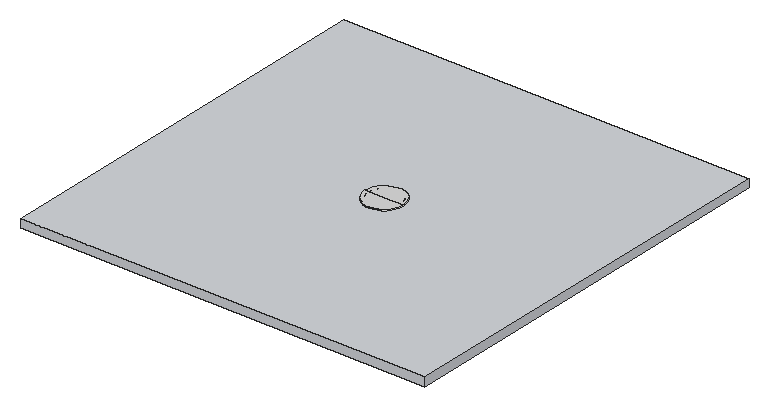
Revit family "Loudspeaker-Ceiling Mounted-Q-SYS-AD-C4T-ZB", category Communication Devices, host Face, Revit 2021
Family settings
  Host = Face
  Maintain Annotation Orientation = No
  Round Connector Dimension = Use Diameter
  Part Type = Normal
  OmniClass Number = 23.85.10.11.14.14.14
  OmniClass Title = Loudspeakers
  Cut with Voids When Loaded = No
  Shared = No
  Room Calculation Point = No
Parameters (values of type "White")
  Weight = 6.40 lbm
  Part Number = "AD-C4T-ZB"
  OmniClass Number = "23.85.10.11.14.14.14"
  Length 15 = 5.75"
  Length 11 = 0.57501"
  Length 10 = Length 7 * cos(Taper Angle)  # 0.99863"
  Length 9 = 0.59495"
  Length 8 = 0.76842"
  Length 7 = 1.00"
  Width = Grille Diameter  # 9.06"
  Weight Product = 6.4
  Weight Dimensional = 20.5
  Visibility 3 [instance] = Adjustable Tile Bridge  # no
  Visibility 2 [instance] = yes
  URL = "https://www.qsys.com"
  Type Comments = "White"
  Taper Angle = 3.00°
  Sustainability Rating = "n/a"
  Support Width = 25.30"
  Support Offset [instance] = 3.00"
  Support Material = Metal - Q-SYS - Steel
  Support Length = 25.57"
  Support Height [instance] = 1.26"  # constant formula
  Speaker Offset Label [instance] = Speaker Offset  # 0.00"
  Speaker Offset [instance] = 0.00"
  Sensitivity = 87
  SPL Max = 102
  Round Grille [instance] = 1 > 0  # yes
  Regulatory Compliance = "UL1480, UL2043, NFPA90, NFPA70 suitable for use in air handling spaces. Transformer UL registered per UL1876, ROHS, CE compliant. Baffle meets UL94-V0 and UL94-5VB flamibility rating; in accordance with IEC60849 / EN60849 systems."
  Rail Width = 0.875"
  Product Page URL = "https://www.qsys.com/products/loudspeakers/installed/passive/ceiling-mount/acousticdesign-series/ad-c4t-zb/"
  Product Documentation Link = "https://www.qsys.com/resource-files/productresources/spk/ad/ad-c4t-zb/q_spk_ad_c4t_zb_specsheet.pdf"
  Number of Bands = 1  # constant formula
  Model = "AD-C4T-ZB"
  Manufacturer URL = "https://www.qsys.com"
  Length 6 [instance] = Support Height  # 1.26"
  Impedance = 16
  IQ Category = "Loudspeaker"
  Height [instance] = Grille Height + Body Height + Clip Height  # 6.8874"
  Grille Radius = Grille Diameter / 2  # 4.53"
  Offset = 0.00"
  Manufacturer = "Q-SYS"
  Length 4 = ATB Inside Radius + 0.80"  # 5.80"
  Length 3 [instance] = if(Speaker Offset < 0.00", 40.00" - abs(Speaker Offset Label), 40.00" + Speaker Offset Label)  # 40.00"
  Length 2 = Body Radius * 1.25  # 4.72438"
  Length 1 = Body Diameter / 2 - 0.25"  # 3.5295"
  Highlight Material = Fabric - Q-SYS - White Mesh
  Grille Height = 0.20"
  Grille Diameter = 9.06"
  Frequency Range = "70 Hz - 20 kHz"
  Description = "4.5” small format, zero bezel ceiling mount loudspeaker."
  Default Elevation = 48.00"
  Coverage Vertical = 150.00°
  Coverage Horizontal = 150.00°
  Cover Radius = Grille Radius  # 4.53"
  Cover Material = Paint - Q-SYS - White
  Clip Radius = Clip Diameter / 2  # 0.15"
  Clip Height = 0.40"
  Clip Diameter = 0.30"
  Body Radius = Body Diameter / 2  # 3.7795"
  Body Material = Paint - Q-SYS - Black
  Body Height = 6.2874"
  Body Diameter = 7.559"
  Assembly Code = "E1020500"
  Adjustable Tile Bridge [instance] = no
  ATB Inside Radius = ATB Inside Diameter / 2  # 5.00"
  ATB Inside Diameter = 10.00"
  70V Taps = "3.75 W, 7.5 W, 15 W, 30 W"
  100V Taps = "7.5 W, 15 W, 30 W"
Reference planes (in)
  plane 1 "Center (Front/Back)": y = 0
  plane 2: z = 0
  plane 3 "Center (Left/Right)": x = 0
  plane 4 "Left": x = -4.53
  plane 5 "Right": x = 4.53
  plane 6 "Front": y = -4.53
  plane 7 "Back": y = 4.53
  plane 8 "Bottom": z = 0.2
  plane 9 "Top": z = -6.6874
  plane 10 "body left": x = -3.7795
  plane 11 "body right": x = 3.7795
  plane 12 "body front": y = -3.7795
  plane 13 "body back": y = 3.7795
  plane 14 "plate top": z = 0
  plane 15 "body top": z = -6.2874
  plane 16: z = -0.75
  plane 17 "Speaker CL": x = 0
  plane 18 "pivot": x = -40
  plane 19 "support bottom": z = -3
  plane 20 "support top": z = -4.26
  plane 21 "support back": y = 12.65
  plane 22 "support back inside": y = 11.775
  plane 23 "support front": y = -12.65
  plane 24 "support front inside": y = -11.775
  plane 25 "support left": x = -12.785
  plane 26 "support right": x = 12.785
  plane 27: z = -3.1
  plane 28: x = 0
  plane 29 "2d bottom": z = 0.1
  plane 30: z = -3.2
Forms (in)
  Extrusion 1, solid
    sketch origin (0, 0, 0) x (1, 0, 0) y (0, 1, 0)
      loop
        line (-48, 48) -> (-48, -48) -> (48, -48) -> (48, 48) -> (-48, 48)
    from 0 to -2
  Revolve 2, solid, material "Paint - Q-SYS - Black" <- "Body Material", visible <- "Visibility 2", detail levels medium+fine
    sketch origin (0, 0, 0) x (1, 0, 0) y (0, 0, 1)
      loop
        line (0, -6.2874) -> (0, 0) -> (-3.7795, 0) -> (-3.7795, -6.2874) -> (0, -6.2874)
      axis (0, 0) -> (0, -6.2874)
    angle from 0 to 360
  Extrusion 3, solid, material "Paint - Q-SYS - Black" <- "Body Material", visible <- "Visibility 2", detail levels fine
    sketch origin (0, 0, 0) x (1, 0, 0) y (0, 0, 1)
      loop
        arc (-0.15, -6.5374) -> (0, -6.6874) -> (0.15, -6.5374) r 0.15
        line (0.15, -6.5374) -> (0.15, -6.2874) -> (-0.15, -6.2874) -> (-0.15, -6.5374)
    from -2.71081 to -2.7895
  Extrusion 4, void
    sketch origin (0, 0, 0) x (1, 0, 0) y (0, 1, 0)
      loop
        line (-4.72437, 2.7895) -> (0, -5.39336) -> (4.72438, 2.7895) -> (-4.72437, 2.7895)
      loop
        circle (0, 0) r 7.559
    from -6.2874 to 0
  Extrusion 5, solid, material "Metal - Q-SYS - Steel" <- "Support Material", visible <- "Adjustable Tile Bridge", detail levels medium+fine
    sketch origin (0, 0, 0) x (0, 1, 0) y (0, 0, 1)
      loop
        line (-12.65, -3) -> (-12.65, -4.26) -> (-12.55, -4.26) -> (-12.55, -3.1) -> (-11.775, -3.1) -> (-11.775, -3) -> (-12.65, -3)
      loop
        line (12.65, -3) -> (11.775, -3) -> (11.775, -3.1) -> (12.55, -3.1) -> (12.55, -4.26) -> (12.65, -4.26) -> (12.65, -3)
    from -12.785 to 12.785
  Extrusion 6, solid, material "Metal - Q-SYS - Steel" <- "Support Material", visible <- "Adjustable Tile Bridge", detail levels medium+fine
    sketch origin (0, 0, -3) x (0, 1, 0) y (-1, 0, 0)
      loop
        circle (0, 0) r 5
      loop
        arc (5.71314, 1) -> (0, 5.8) -> (-5.71314, 1) r 5.8
        line (-5.71314, 1) -> (-12.55, 1) -> (-12.55, -1) -> (-5.71314, -1)
        arc (-5.71314, -1) -> (0, -5.8) -> (5.71314, -1) r 5.8
        line (5.71314, -1) -> (12.55, -1) -> (12.55, 1) -> (5.71314, 1)
    from -0.2 to -0.1
  Extrusion 7, solid, material "Metal - Q-SYS - Steel" <- "Support Material", visible <- "Adjustable Tile Bridge", detail levels fine
    sketch origin (0, 0, -3) x (0, 1, 0) y (-1, 0, 0)
      loop
        line (12.55, 1) -> (12.45, 1) -> (12.45, -1) -> (12.55, -1) -> (12.55, 1)
      loop
        line (-12.45, 1) -> (-12.55, 1) -> (-12.55, -1) -> (-12.45, -1) -> (-12.45, 1)
    from -1.26 to -0.2
  Extrusion 8, void
    sketch origin (0, 0, -3) x (0, 1, 0) y (-1, 0, 0)
      loop
        circle (0, 0) r 3.7795
    from -3.6874 to 3.2
  Revolve 9, solid, material "Paint - Q-SYS - White" <- "Cover Material", visible <- "Round Grille", detail levels medium+fine
    sketch origin (0, 0, 0) x (1, 0, 0) y (0, 0, 1)
      loop
        line (0, 0.2) -> (-4.53, 0.2) -> (-4.53, 0) -> (0, 0) -> (0, 0.2)
      axis (0, 0.2) -> (0, 0)
    angle from 0 to 360
  Revolve 10, solid, detail levels coarse
    sketch origin (0, 0, 0) x (1, 0, 0) y (0, 0, 1)
      loop
        line (-4.53, 0.2) -> (-4.53, 0) -> (-3.7795, 0) -> (-3.7795, -6.6874) -> (0, -6.6874) -> (0, 0.2) -> (-4.53, 0.2)
      axis (0, 0.2) -> (0, -6.6874)
    angle from 0 to 360
Cuts and joins
  Extrusion 4 cuts Revolve 2
Lines and regions (in)
  Masking region 1, visible <- "Round Grille", detail levels medium+fine
    outline origin (0, 0, 0.1) x (-1, 0, 0) y (0, -1, 0)
      loop
        circle (0, 0) r 4.53
  Masking region 2, visible <- "Adjustable Tile Bridge", detail levels medium+fine
    outline origin (0, 0, -4.26) x (0, 1, 0) y (-1, 0, 0)
      loop
        arc (5.71314, 1) -> (0, 5.8) -> (-5.71314, 1) r 5.8
        line (-5.71314, 1) -> (-12.55, 1) -> (-12.55, -1) -> (-5.71314, -1)
        arc (-5.71314, -1) -> (0, -5.8) -> (5.71314, -1) r 5.8
        line (5.71314, -1) -> (12.55, -1) -> (12.55, 1) -> (5.71314, 1)
      loop
        circle (0, 0) r 5
  Masking region 3, detail levels medium+fine
    outline origin (0, 0, -6.2874) x (-1, 0, 0) y (0, -1, 0)
      loop
        circle (0, 0) r 3.7795
  Masking region 4, visible <- "Adjustable Tile Bridge", detail levels medium+fine
    outline origin (0, 0, -3) x (0, 1, 0) y (-1, 0, 0)
      loop
        line (12.65, 12.785) -> (11.775, 12.785) -> (11.775, -12.785) -> (12.65, -12.785) -> (12.65, 12.785)
      loop
        line (-11.775, 12.785) -> (-12.65, 12.785) -> (-12.65, -12.785) -> (-11.775, -12.785) -> (-11.775, 12.785)
  Masking region 5
    outline origin (0, 0, 0) x (1, 0, 0) y (0, 0, 1)
      loop
        line (-4.53, 0.2) -> (-4.53, 0) -> (-3.7795, 0) -> (-3.7795, -6.2874) -> (3.7795, -6.2874) -> (3.7795, 0) -> (4.53, 0) -> (4.53, 0.2) -> (-4.53, 0.2)
  Masking region 6, visible <- "Visibility 2", detail levels fine
    outline origin (0, 0, 0) x (1, 0, 0) y (0, 0, 1)
      loop
        line (0.15, -6.5374) -> (0.15, -6.2874) -> (-0.15, -6.2874) -> (-0.15, -6.5374)
        arc (-0.15, -6.5374) -> (0, -6.6874) -> (0.15, -6.5374) r 0.15
  Masking region 7, visible <- "Visibility 3", detail levels medium+fine
    outline origin (0, 0, 0) x (1, 0, 0) y (0, 0, 1)
      loop
        line (-12.785, -3) -> (-12.785, -4.26) -> (12.785, -4.26) -> (12.785, -3) -> (-12.785, -3)
  Masking region 8
    outline origin (0, 0, 0) x (0, 1, 0) y (0, 0, 1)
      loop
        line (4.53, 0.2) -> (-4.53, 0.2) -> (-4.53, 0) -> (-3.7795, 0) -> (-3.7795, -6.2874) -> (2.7895, -6.2874) -> (2.7895, 0) -> (4.53, 0) -> (4.53, 0.2)
  Masking region 9, visible <- "Adjustable Tile Bridge", detail levels medium+fine
    outline origin (0, 0, 0) x (0, 1, 0) y (0, 0, 1)
      loop
        line (12.65, -3) -> (11.775, -3) -> (11.775, -3.1) -> (-11.775, -3.1) -> (-11.775, -3) -> (-12.65, -3) -> (-12.65, -4.26) -> (-12.45, -4.26) -> (-12.45, -3.2) -> (12.45, -3.2) -> (12.45, -4.26) -> (12.65, -4.26) -> (12.65, -3)
  Masking region 10, visible <- "Visibility 2", detail levels fine
    outline origin (0, 0, 0) x (0, 1, 0) y (0, 0, 1)
      loop
        line (2.71081, -6.2874) -> (2.71081, -6.6874) -> (2.7895, -6.6874) -> (2.7895, -6.2874) -> (2.71081, -6.2874)
  symbolic lines, style "Outline", visible <- "Round Grille", detail levels medium+fine
    curve 1: circle (0, 0, 0.2) r 4.53 normal (0, 0, 1)
  symbolic lines, style "Support", visible <- "Adjustable Tile Bridge", detail levels medium+fine
    curve 2: line (-12.785, -12.55, -6.2874) -> (12.785, -12.55, -6.2874)
    curve 3: line (-12.785, 12.55, -6.2874) -> (12.785, 12.55, -6.2874)
    curve 10: line (-12.785, 0, -3.1) -> (12.785, 0, -3.1)
    curve 13: line (0, 11.775, -3.1) -> (0, 12.55, -3.1)
    curve 14: line (0, 12.55, -3.1) -> (0, 12.55, -4.26)
    curve 15: line (0, -12.55, -4.26) -> (0, -12.55, -3.1)
    curve 16: line (0, -12.55, -3.1) -> (0, -11.775, -3.1)
  symbolic lines, style "Support", visible <- "Adjustable Tile Bridge", detail levels fine
    curve 4: line (-1, 12.45, -6.2874) -> (1, 12.45, -6.2874)
    curve 5: line (-1, -12.45, -6.2874) -> (1, -12.45, -6.2874)
  symbolic lines, style "Detail", visible <- "Visibility 2", detail levels fine
    curve 6: line (0.15, 2.7895, -6.6874) -> (0.15, 2.71081, -6.6874)
    curve 7: line (0.15, 2.71081, -6.6874) -> (-0.15, 2.71081, -6.6874)
    curve 8: line (-0.15, 2.71081, -6.6874) -> (-0.15, 2.7895, -6.6874)
    curve 9: line (-0.15, 2.7895, -6.6874) -> (0.15, 2.7895, -6.6874)
  symbolic lines, style "Support", visible <- "Adjustable Tile Bridge"
    curve 11: line (0, 5.71314, -3.1) -> (0, 5.71314, -3.2)
    curve 12: line (0, -5.71314, -3.2) -> (0, -5.71314, -3.1)
    curve 22: line (0, 4.83, -3.1) -> (0, 4.83, -3.2)
    curve 23: line (0, -4.83, -3.2) -> (0, -4.83, -3.1)
  symbolic lines, style "Outline", detail levels medium+fine
    curve 17: line (-1.01133, -3.7795, 0) -> (-1.01133, -3.7795, -6.2874)
    curve 18: line (1.01133, -3.7795, -6.2874) -> (1.01133, -3.7795, 0)
    curve 19: line (-2.55016, 3.7795, 0) -> (-2.55016, 3.7795, -6.2874)
    curve 20: line (2.55016, 3.7795, -6.2874) -> (2.55016, 3.7795, 0)
    curve 21: line (0, 0.945, 0) -> (0, 0.945, -6.2874)
    curve 26: line (-2.55016, 2.7895, -6.6874) -> (2.55016, 2.7895, -6.6874)
    curve 27: line (-1.01133, -3.64168, -6.6874) -> (-3.65945, 0.945, -6.6874)
    curve 28: line (3.65945, 0.945, -6.6874) -> (1.01133, -3.64168, -6.6874)
  symbolic lines, style "Outline"
    curve 24: line (-3.7795, 0, 0) -> (3.7795, 0, 0)
    curve 25: line (0, 2.7895, 0) -> (0, -3.7795, 0)
Dimensions and locks (in)
  equal spacing: plane 4 "Left", plane 17 "Speaker CL", plane 5 "Right"
  "Width": plane 4 "Left" to plane 5 "Right"
  equal spacing: plane 7 "Back", plane 1 "Center (Front/Back)", plane 6 "Front"
  "Width": plane 7 "Back" to plane 6 "Front"
  "Height": plane 8 "Bottom" to plane 9 "Top"
  equal spacing: plane 10 "body left", plane 17 "Speaker CL", plane 11 "body right"
  "Body Diameter": plane 10 "body left" to plane 11 "body right"
  equal spacing: plane 13 "body back", plane 1 "Center (Front/Back)", plane 12 "body front"
  "Body Diameter": plane 13 "body back" to plane 12 "body front"
  "Grille Height": plane 8 "Bottom" to plane 14 "plate top"
  "Body Height": plane 14 "plate top" to plane 15 "body top"
  "Clip Radius": Extrusion 3 sketch curve to plane 9 "Top"
  locked: plane 14 "plate top" to plane 16 at 0.75
  "Offset": plane 14 "plate top" to level
  locked: plane 18 "pivot" to plane 3 "Center (Left/Right)" at 40
  "Length 3": plane 18 "pivot" to plane 17 "Speaker CL"
  "Rail Width": plane 21 "support back" to plane 22 "support back inside"
  "Rail Width": plane 23 "support front" to plane 24 "support front inside"
  equal spacing: plane 21 "support back", plane 1 "Center (Front/Back)", plane 23 "support front"
  "Support Width": plane 21 "support back" to plane 23 "support front"
  equal spacing: plane 25 "support left", plane 3 "Center (Left/Right)", plane 26 "support right"
  "Support Length": plane 25 "support left" to plane 26 "support right"
  "Support Height": plane 19 "support bottom" to plane 20 "support top"
  equal spacing: Extrusion 6 sketch curve, plane 17 "Speaker CL", Extrusion 6 sketch curve
  locked: Extrusion 6 sketch curve to plane 17 "Speaker CL" at 1
  locked: Extrusion 7 sketch curve to Extrusion 7 sketch curve at 0.1  (x2)
  locked: Extrusion 7 sketch curve to plane 17 "Speaker CL" at 1
  plane 17 "Speaker CL" to Extrusion 7 sketch curve = 1.00"
  locked: plane 17 "Speaker CL" to Extrusion 7 sketch curve at 1
  "Support Offset": plane 14 "plate top" to plane 19 "support bottom"
  locked: plane 19 "support bottom" to plane 27 at 0.1
  "Cover Radius": Revolve 9 sketch curve to Revolve 9 sketch curve
  locked: plane 8 "Bottom" to plane 29 "2d bottom" at 0.1
  locked: curve 3 to plane 21 "support back" at 0.1
  locked: plane 23 "support front" to curve 2 at 0.1
  locked: curve 4 to Masking region 2 at 0.1
  locked: Masking region 2 to curve 5 at 0.1
  "Cover Radius": plane 17 "Speaker CL" to Masking region 5 sketch curve
  "Cover Radius": Masking region 5 sketch curve to plane 17 "Speaker CL"
  "Length 6": Masking region 7 sketch curve to Masking region 7 sketch curve
  "Cover Radius": plane 1 "Center (Front/Back)" to Masking region 8 sketch curve
  locked: Extrusion 5 sketch curve to Extrusion 5 sketch curve at 0.1  (x4)
  locked: plane 27 to plane 30 at 0.1
  locked: Extrusion 7 sketch curve to plane 21 "support back" at 0.1
  locked: Extrusion 7 sketch curve to plane 23 "support front" at 0.1
  locked: Extrusion 4 sketch curve to plane 13 "body back" at 0.99
  "Length 2": Extrusion 4 sketch curve to plane 17 "Speaker CL"
  "Length 2": plane 17 "Speaker CL" to Extrusion 4 sketch curve
  "Cover Radius": Masking region 8 sketch curve to plane 1 "Center (Front/Back)"
  "Clip Radius": radius of Extrusion 3 sketch curve
  "ATB Inside Radius": radius of Extrusion 6 sketch curve
  "Length 4": radius of Extrusion 6 sketch curve
  "Body Radius": radius of Extrusion 8 sketch curve
  "Grille Radius": radius of Masking region 1 sketch curve
  "Cover Radius": radius of curve 1
  "Body Radius": radius of Masking region 3 sketch curve
  "Body Diameter": radius of Extrusion 4 sketch curve
  locked: Extrusion 4 sketch curve to Extrusion 4 sketch curve (angle 60.00°)  (x2)
  aligned and locked: plane 2 to Extrusion 1
  aligned and locked: level to Extrusion 1
  aligned and locked: plane 15 "body top" to Revolve 2 sketch curve
  aligned and locked: plane 15 "body top" to Extrusion 3 sketch curve
  aligned and locked: Extrusion 4 to plane 15 "body top"
  aligned and locked: Revolve 2 sketch curve to plane 17 "Speaker CL"
  aligned and locked: plane 17 "Speaker CL" to Extrusion 3 sketch curve
  aligned and locked: Extrusion 5 to plane 25 "support left"
  aligned and locked: plane 26 "support right" to Extrusion 5
  aligned and locked: plane 17 "Speaker CL" to Extrusion 6 sketch curve  (x2)
  aligned and locked: plane 1 "Center (Front/Back)" to Extrusion 6 sketch curve  (x2)
  aligned and locked: Extrusion 6 sketch curve to Extrusion 6 sketch curve  (x3)
  aligned and locked: plane 27 to Extrusion 6
  aligned and locked: Extrusion 7 sketch curve to Extrusion 7 sketch curve
  aligned and locked: Extrusion 7 to plane 20 "support top"
  aligned and locked: plane 17 "Speaker CL" to Extrusion 8 sketch curve
  aligned and locked: plane 1 "Center (Front/Back)" to Extrusion 8 sketch curve
  aligned and locked: Extrusion 8 to plane 9 "Top"
  aligned and locked: plane 8 "Bottom" to Extrusion 8
  aligned and locked: Revolve 2 sketch curve to Revolve 2 sketch curve
  aligned and locked: plane 10 "body left" to Revolve 2 sketch curve
  aligned and locked: Revolve 9 sketch curve to plane 17 "Speaker CL"
  aligned and locked: plane 8 "Bottom" to Revolve 9 sketch curve
  aligned and locked: plane 14 "plate top" to Revolve 9 sketch curve
  aligned and locked: Revolve 9 sketch curve to Revolve 9 sketch curve
  aligned and locked: plane 4 "Left" to Revolve 9 sketch curve
  aligned and locked: plane 17 "Speaker CL" to plane 28
  aligned and locked: plane 17 "Speaker CL" to Masking region 1 sketch curve
  aligned and locked: plane 1 "Center (Front/Back)" to Masking region 1 sketch curve
  aligned and locked: plane 17 "Speaker CL" to curve 1
  aligned and locked: plane 1 "Center (Front/Back)" to curve 1
  aligned and locked: Masking region 2 sketch curve to Extrusion 6  (x7)
  aligned and locked: Extrusion 6 to Masking region 2 sketch curve  (x2)
  aligned and locked: plane 17 "Speaker CL" to Masking region 3 sketch curve
  aligned and locked: plane 1 "Center (Front/Back)" to Masking region 3 sketch curve
  aligned and locked: plane 25 "support left" to curve 3
  aligned and locked: plane 25 "support left" to curve 2
  aligned and locked: plane 26 "support right" to curve 3
  aligned and locked: plane 26 "support right" to curve 2
  aligned and locked: Masking region 2 to curve 4
  aligned and locked: Masking region 2 to curve 5  (x2)
  aligned and locked: Masking region 4 sketch curve to Extrusion 5  (x4)
  aligned and locked: Extrusion 3 to curve 6
  aligned and locked: curve 7 to Extrusion 3
  aligned and locked: Extrusion 3 to curve 8
  aligned and locked: curve 9 to Extrusion 3
  aligned and locked: Masking region 5 sketch curve to plane 8 "Bottom"
  aligned and locked: plane 5 "Right" to Masking region 5 sketch curve
  aligned and locked: plane 4 "Left" to Masking region 5 sketch curve
  aligned and locked: plane 14 "plate top" to Masking region 5 sketch curve
  aligned and locked: Masking region 5 sketch curve to plane 14 "plate top"
  aligned and locked: plane 10 "body left" to Masking region 5 sketch curve
  aligned and locked: plane 11 "body right" to Masking region 5 sketch curve
  aligned and locked: Masking region 5 sketch curve to plane 15 "body top"
  aligned and locked: Masking region 6 sketch curve to Extrusion 3  (x3)
  aligned and locked: Masking region 7 sketch curve to plane 19 "support bottom"
  aligned and locked: plane 25 "support left" to Masking region 7 sketch curve
  aligned and locked: Masking region 7 sketch curve to plane 26 "support right"
  aligned and locked: Masking region 8 sketch curve to plane 8 "Bottom"
  aligned and locked: plane 14 "plate top" to Masking region 8 sketch curve
  aligned and locked: Masking region 8 sketch curve to plane 14 "plate top"
  aligned and locked: plane 12 "body front" to Masking region 8 sketch curve
  aligned and locked: plane 6 "Front" to Masking region 8 sketch curve
  aligned and locked: plane 7 "Back" to Masking region 8 sketch curve
  aligned and locked: Masking region 8 sketch curve to plane 15 "body top"
  aligned and locked: plane 19 "support bottom" to Masking region 9 sketch curve
  aligned and locked: plane 21 "support back" to Masking region 9 sketch curve
  aligned and locked: Masking region 9 sketch curve to plane 20 "support top"
  aligned and locked: plane 20 "support top" to Masking region 9 sketch curve
  aligned and locked: plane 23 "support front" to Masking region 9 sketch curve
  aligned and locked: Extrusion 6 to curve 11
  aligned and locked: Extrusion 6 to curve 12
  aligned and locked: Masking region 10 sketch curve to Extrusion 3  (x2)
  aligned and locked: plane 9 "Top" to Masking region 10 sketch curve
  aligned and locked: Masking region 10 sketch curve to plane 15 "body top"
  aligned and locked: plane 3 "Center (Left/Right)" to nested 1
  aligned and locked: plane 19 "support bottom" to Extrusion 5 sketch curve
  aligned and locked: plane 21 "support back" to Extrusion 5 sketch curve
  aligned and locked: Extrusion 5 sketch curve to plane 22 "support back inside"
  aligned and locked: plane 23 "support front" to Extrusion 5 sketch curve
  aligned and locked: Extrusion 5 sketch curve to plane 24 "support front inside"
  aligned and locked: Extrusion 6 to plane 30
  aligned and locked: plane 30 to Extrusion 7
  aligned and locked: Extrusion 6 sketch curve to Extrusion 7  (x2)
  aligned and locked: Masking region 9 sketch curve to Extrusion 7  (x2)
  aligned and locked: Masking region 9 sketch curve to plane 30
  aligned and locked: plane 27 to Masking region 9 sketch curve
  aligned and locked: Masking region 9 sketch curve to plane 24 "support front inside"
  aligned and locked: Masking region 9 sketch curve to plane 19 "support bottom"
  aligned and locked: plane 22 "support back inside" to Masking region 9 sketch curve
  aligned and locked: curve 13 to Extrusion 5
  aligned and locked: curve 14 to Extrusion 5
  aligned and locked: curve 15 to Extrusion 5
  aligned and locked: curve 16 to Extrusion 5
  aligned and locked: level to Extrusion 4
  aligned and locked: Extrusion 6 to curve 4
  aligned and locked: Revolve 10 sketch curve to plane 17 "Speaker CL"
  aligned and locked: Revolve 10 sketch curve to Masking region 5  (x2)
  aligned and locked: plane 9 "Top" to Revolve 10 sketch curve
  aligned and locked: Revolve 10 sketch curve to Revolve 10 sketch curve
  aligned and locked: plane 17 "Speaker CL" to Extrusion 4 sketch curve
  aligned and locked: plane 1 "Center (Front/Back)" to Extrusion 4 sketch curve
  aligned and locked: Masking region 5 to curve 24  (x2)
  aligned and locked: curve 24 to Masking region 5
  aligned and locked: Masking region 8 to curve 25  (x2)
  aligned and locked: curve 25 to Masking region 8
  aligned and locked: Extrusion 3 to cut or joined group of Revolve 2, Extrusion 4
  aligned and locked: curve 26 to cut or joined group of Revolve 2, Extrusion 4
  aligned and locked: curve 27 to cut or joined group of Revolve 2, Extrusion 4
  aligned and locked: curve 28 to cut or joined group of Revolve 2, Extrusion 4
  aligned and locked: curve 19 to cut or joined group of Revolve 2, Extrusion 4
  aligned and locked: curve 17 to cut or joined group of Revolve 2, Extrusion 4
  aligned and locked: curve 18 to cut or joined group of Revolve 2, Extrusion 4
  aligned and locked: curve 20 to cut or joined group of Revolve 2, Extrusion 4
  aligned and locked: curve 21 to cut or joined group of Revolve 2, Extrusion 4
Automatic sketch dimensions
  Extrusion 1 sketch curve to Extrusion 1 sketch curve = 96.00"  (x2)
  curve 10 to plane 25 "support left" = 0.00"
  curve 10 to plane 26 "support right" = 0.00"
  curve 10 to plane 27 = 0.00"
  Revolve 2 sketch curve to level = 0.00"
  Revolve 2 sketch curve to plane 9 "Top" = 1.9026"
  plane 8 "Bottom" to Revolve 2 sketch curve = 6.0474"
  Extrusion 5 sketch curve to plane 20 "support top" = 0.00"
  plane 20 "support top" to Extrusion 5 sketch curve = 0.00"
  Extrusion 5 sketch curve to plane 27 = 0.00"
  plane 15 "body top" to Revolve 9 sketch curve = 1.72199"
  Revolve 9 sketch curve to Revolve 9 sketch curve = 4.13199"
  plane 23 "support front" to Masking region 4 sketch curve = 0.00"
  plane 24 "support front inside" to Masking region 4 sketch curve = 0.00"
  Masking region 4 sketch curve to plane 22 "support back inside" = 0.00"
  Masking region 4 sketch curve to plane 21 "support back" = 0.00"
  Revolve 10 sketch curve to level = 0.00"
  Revolve 10 sketch curve to plane 8 "Bottom" = 0.00"
  Revolve 10 sketch curve to plane 9 "Top" = 2.54544"
  Revolve 10 sketch curve to Revolve 10 sketch curve = 5.65456"
  curve 17 to plane 15 "body top" = 0.00"
  curve 18 to plane 15 "body top" = 0.00"
  curve 18 to level = 0.00"
  curve 17 to level = 0.00"
  curve 19 to plane 15 "body top" = 0.00"
  curve 20 to plane 15 "body top" = 0.00"
  curve 16 to plane 24 "support front inside" = 0.00"
  curve 23 to plane 27 = 0.00"
  curve 23 to plane 30 = 0.00"
  curve 22 to plane 27 = 0.00"
  curve 22 to plane 30 = 0.00"
  curve 13 to plane 22 "support back inside" = 0.00"
  curve 21 to plane 15 "body top" = 0.00"
  plane 20 "support top" to curve 14 = 0.00"
  curve 15 to plane 20 "support top" = 0.00"
  curve 12 to plane 30 = 0.00"
  curve 11 to plane 30 = 0.00"
  curve 12 to plane 27 = 0.00"
  curve 11 to plane 27 = 0.00"
  curve 23 to plane 6 "Front" = 0.30"
  plane 7 "Back" to curve 22 = 0.30"
  curve 20 to level = 0.00"
  curve 19 to level = 0.00"
  curve 26 to plane 11 "body right" = 1.22934"
  plane 10 "body left" to curve 26 = 1.22934"
  plane 12 "body front" to curve 27 = 0.13782"
  plane 10 "body left" to curve 27 = 0.12005"
  curve 28 to plane 11 "body right" = 0.12005"
  plane 12 "body front" to curve 28 = 0.13782"
  Masking region 8 sketch curve to plane 13 "body back" = 0.99"
Nested families (in)
  nested 1: "Speaker_Symbol_Face_Based" at (0, 0, 0), type "Speaker Symbol", detail levels coarse
    with Wall Mounted no, Vertical Offset 0, Length 2 100.00", Length 1 100.00", Horizontal Offset 0
Connectors (in)
  cabletrayconduit at (0, -1.45667, -6.2874), diameter 0.88
    settings: on cut or joined group of Revolve 2, Extrusion 4, index 1, connector width 12.00", connector height 12.00", connector angle 0.00°, system type 32, placement type 0, profile type 0, connector reference index -1, is primary connector yes, connector utility param no, connector description "Power Conduit"
Definition of nested family "Speaker_Symbol_Face_Based"
  Parameters (values of type "Speaker_Symbol_Face_Based")
    Wall Mounted [instance] = no
    Vertical Offset [instance] = 0
    Length 2 [instance] = (Vertical Offset * Generic Symbol Height) + 100.00"  # 100.00"
    Length 1 [instance] = (Horizontal Offset * Generic Symbol Width) + 100.00"  # 100.00"
    Horizontal Offset [instance] = 0
    Generic Symbol Width = 0.3937"
    Generic Symbol Height = 0.3937"
    Default Elevation = 48.00"
  Reference planes (in)
    plane 1 "Center (Front/Back)": y = 0
    plane 2: z = 0
    plane 3 "Center (Left/Right)": x = 0
    plane 4 "pivot x": x = -100
    plane 5 "symbol x cl": x = 0
    plane 6 "pivot y": y = -100
    plane 7 "symbol y cl": y = 0
  Forms (in)
    Extrusion 1, solid
      sketch origin (0, 0, 0) x (1, 0, 0) y (0, 1, 0)
        loop
          line (-48, 48) -> (-48, -48) -> (48, -48) -> (48, 48) -> (-48, 48)
      from 0 to -12
  Dimensions and locks (in)
    locked: plane 4 "pivot x" to plane 3 "Center (Left/Right)" at 100
    "Length 1": plane 4 "pivot x" to plane 5 "symbol x cl"
    locked: plane 1 "Center (Front/Back)" to plane 6 "pivot y" at 100
    "Length 2": plane 7 "symbol y cl" to plane 6 "pivot y"
    aligned and locked: plane 2 to Extrusion 1
    aligned and locked: level to Extrusion 1
    aligned and locked: plane 5 "symbol x cl" to nested 1
    aligned and locked: nested 1 to plane 7 "symbol y cl"
  Automatic sketch dimensions
    Extrusion 1 sketch curve to Extrusion 1 sketch curve = 96.00"  (x2)
  Nested families (in)
    nested 1: "Speaker_Symbol" at (0, 0, 0), Wall Mounted <- "Wall Mounted", type "S"
      with Wall Mounted no, Not Wall Mounted yes, Length 1 0.00"
  Definition of nested family "Speaker_Symbol"
    Parameters (values of type "S")
      Wall Mounted [instance] = yes
      Symbol Text = "S"
      Symbol Radius = 0.19685"
      Not Wall Mounted [instance] = not(Wall Mounted)  # no
      Length 1 [instance] = if(Wall Mounted, 0.25", 0.00")  # 0.25"
    Reference planes (in)
      plane 1: y = 0
      plane 2: x = 0
    Lines and regions (in)
      Masking region 1
        outline origin (0, 0, 0) x (1, 0, 0) y (0, 1, 0)
          loop
            circle (0, 0.25) r 0.19685
      detail lines, visible <- "Wall Mounted"
        curve 1: line (-0.125, 0, 0) -> (0.125, 0, 0)
        curve 2: line (0, 0, 0) -> (0, 0.0625, 0)
    Text (in)
      label "S" at (0.00112, 0.31502, 0), shows "Symbol Text", visible <- "Wall Mounted"
      label "S" at (0.00112, 0.07558, 0), shows "Symbol Text", visible <- "Not Wall Mounted"
    Dimensions and locks (in)
      "Length 1": plane 1 to Masking region 1 sketch curve
      "Symbol Radius": radius of Masking region 1 sketch curve
      aligned and locked: plane 2 to Masking region 1 sketch curve
      aligned and locked: curve 1 to curve 2
      aligned and locked: curve 2 to plane 2
      aligned and locked: plane 1 to curve 1
    Automatic sketch dimensions
      curve 1 to plane 2 = 0.125"
      plane 2 to curve 1 = 0.125"
      curve 2 to curve 2 = 0.0625"
